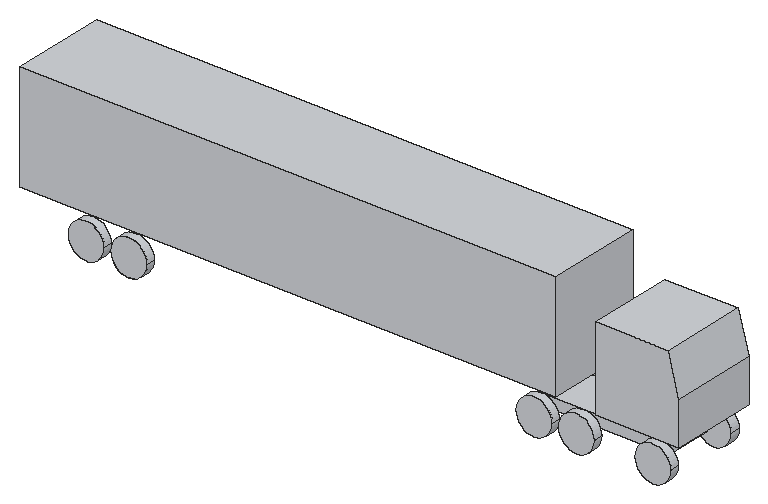
Revit family "6fe92bb0ebb648d4b5de07317244631e", category Entourage, Revit 2021
Family settings
  Seek Item ID = Semi Truck-0000-USA-ENU
  Work Plane-Based = No
  Always vertical = No
  Cut with Voids When Loaded = No
  Render Appearance Source = Family Geometry
  Shared = No
  Room Calculation Point = No
Parameters (values of type "Semi Truck")
  Height = 0' - 0"
Reference planes (in)
  plane 1: y = 0
  plane 2: z = 0
  plane 3: x = 0
Forms (in)
  Extrusion 1, solid
    sketch origin (0, -83.8664, 0) x (1, 0, 0) y (0, 1, 0)
      loop
        line (0, 180.8664) -> (0, 83.8664) -> (540, 83.8664) -> (540, 180.8664) -> (0, 180.8664)
    from 48 to 156
  Extrusion 2, solid
    sketch origin (-383.3617, 0, 0) x (-1, 0, 0) y (0, 0, 1)
      loop
        circle (-488.61146, 18.54885) r 18
    from 81.3607 to 91.3607
  Extrusion 3, solid
    sketch origin (-404.8576, 0, 0) x (-1, 0, 0) y (0, 0, 1)
      loop
        circle (-467.11556, 18.54885) r 18
    from 81.3607 to 91.3607
  Extrusion 4, solid
    sketch origin (-307.85838, 0, -1.33149) x (-1, 0, 0) y (0, 0, 1)
      loop
        circle (-864.60082, 19.60205) r 18
    from 81.3607 to 91.3607
  Extrusion 5, solid
    sketch origin (-329.35428, 0, -1.33149) x (-1, 0, 0) y (0, 0, 1)
      loop
        circle (-843.10492, 19.60205) r 18
    from 81.3607 to 91.3607
  Extrusion 6, solid
    sketch origin (0, 0, 0) x (-1, 0, 0) y (0, 0, 1)
      loop
        circle (-105.24976, 18.54885) r 18
      loop
        circle (-62.25795, 18.54885) r 18
    from 5.2708 to 14.2708
  Extrusion 7, solid
    sketch origin (-269.37039, 0, -1.4133) x (-1, 0, 0) y (0, 0, 1)
      loop
        circle (-902.90539, 19.60205) r 18
    from 81.3607 to 91.3607
  Extrusion 8, solid
    sketch origin (540, 97, 156) x (0, 0, -1) y (-1, 0, 0)
      loop
        line (114, -36) -> (30, -36) -> (30, -109.66511) -> (70.6356, -120) -> (114, -120) -> (114, -36)
    from -91.7292 to -4.6393
  Extrusion 9, solid
    sketch origin (-383.3617, -77.0899, 0) x (-1, 0, 0) y (0, 0, 1)
      loop
        circle (-488.61146, 18.54885) r 18
    from 82.3607 to 91.3607
  Extrusion 10, solid
    sketch origin (-202.84477, -77.0899, 10.15866) x (-1, 0, 0) y (0, 0, 1)
      loop
        circle (-759.4536, 8.06407) r 18
    from 82.3607 to 91.3607
  Extrusion 11, solid
    sketch origin (-224.26221, -77.0899, 10.23712) x (-1, 0, 0) y (0, 0, 1)
      loop
        circle (-737.95769, 8.06407) r 18
    from 82.3607 to 91.3607
  Extrusion 12, solid
    sketch origin (-164.22635, -77.0899, 10.15866) x (-1, 0, 0) y (0, 0, 1)
      loop
        circle (-797.75817, 8.06407) r 18
    from 82.3607 to 91.3607
  Extrusion 13, solid
    sketch origin (0, 0, 0) x (-1, 0, 0) y (0, 0, 1)
      loop
        line (-635.01525, 18.67867) -> (-504.01525, 18.67867) -> (-504.01525, 29.67867) -> (-635.01525, 29.67867) -> (-635.01525, 18.67867)
    from 23 to 71
Lines and regions (in)
  symbolic lines
    curve 1: line (0, 0, 0) -> (540, 0, 0)
    curve 2: line (0, 0, 0) -> (0, 97, 0)
    curve 3: line (0, 97, 0) -> (540, 97, 0)
    curve 4: line (540, 0, 0) -> (540, 97, 0)
    curve 5: line (576, 1, 0) -> (660, 1, 0)
    curve 6: line (576, 1, 0) -> (576, 97, 0)
    curve 7: line (576, 97, 0) -> (660, 97, 0)
    curve 8: line (660, 1, 0) -> (660, 97, 0)
    curve 9: line (540, 71, 0) -> (576, 71, 0)
    curve 10: line (540, 23, 0) -> (576, 23, 0)
    curve 11: line (642.67017, 97, 0) -> (642.67017, 1, 0)
Dimensions and locks (in)
  curve 8 to curve 6 to curve 4 to curve 2 = 7' - 0", 3' - 0", 45' - 0"
  curve 8 to curve 2 = 55' - 0"
  curve 5 to curve 7 = 8' - 0"
  plane 2 to Extrusion 1 = 4' - 0"
  Extrusion 1 to Extrusion 1 = 9' - 0"
  Extrusion 2 to Extrusion 2 = 0' - 10"
  plane 1 to Extrusion 6 = 0' - 5.2708"
  Extrusion 6 to Extrusion 6 = 0' - 9"
  Extrusion 8 sketch curve to curve 7 = 3' - 6"
  aligned and locked: Extrusion 3 to Extrusion 2
  aligned and locked: Extrusion 6 sketch curve to Extrusion 2
  aligned and locked: Extrusion 6 sketch curve to Extrusion 3
  aligned and locked: Extrusion 8 to Extrusion 6
  aligned and locked: Extrusion 9 to Extrusion 6
  aligned and locked: Extrusion 11 to Extrusion 6
  aligned and locked: Extrusion 13 to curve 10
  aligned and locked: curve 9 to Extrusion 13
  aligned and locked: Extrusion 10 to Extrusion 6
  aligned and locked: Extrusion 12 to Extrusion 6
  aligned and locked: Extrusion 2 to Extrusion 3
